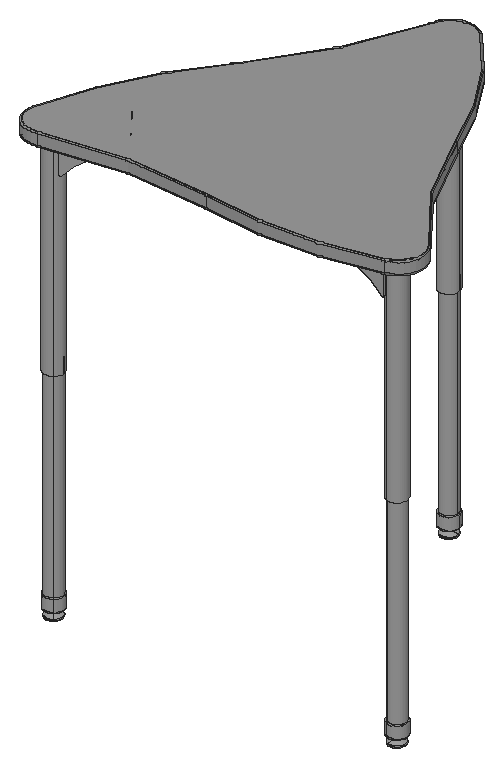
Revit family "Hierarchy Creator Triangle Desk - Standing Height", category Furniture, Revit 2018
Family settings
  Work Plane-Based = No
  Always vertical = Yes
  Cut with Voids When Loaded = No
  Shared = No
  Room Calculation Point = No
Parameters
  Surface = Hierarchy Creator Triangle Desk Standing Surface
  Leg Finish = Hierarchy Leg Platinum
  Edgeband = Hierarchy Creator Triangle Desk Standing Edgeband
  Desk Height = 3' - 5"
  Caster/Glide = Hierarchy Standing Leg - Glide : Hierarchy Standing Leg - Glide
Reference planes (in)
  plane 1 "Center (Front/Back)": y = 0
  plane 2: z = 0
  plane 3 "Center (Left/Right)": x = 0
  plane 4: z = 41
Dimensions and locks (in)
  "Desk Height": plane 4 to level
  aligned and locked: plane 2 to level
  aligned and locked: nested 1 to plane 4
Nested families (in)
  nested 1: "Creator Triangle Desk Tabletop" at (0.04688, -4.75192, 27.97788), type "Creator Triangle Desk Tabletop"
  nested 2: "Hierarchy Standing Leg - Glide" at (-16.0836, -13.74317, 0) x (-0.6183, 0.7859, 0) z (0, 0, 1), Leg Height <- "Desk Height", type <- "Caster/Glide", Leg Finish <- "Leg Finish", type "Hierarchy Standing Leg - Glide"
  nested 3: "Hierarchy Standing Leg - Glide" at (15.66289, -12.80031, 0) x (0.3678, 0.9299, 0) z (0, 0, 1), Leg Height <- "Desk Height", type <- "Caster/Glide", Leg Finish <- "Leg Finish", type "Hierarchy Standing Leg - Glide"
  nested 4: "Hierarchy Standing Leg - Glide" at (-0.996, 14.17635, 0) x (0.9898, 0.1425, 0) z (0, 0, 1), Leg Finish <- "Leg Finish", Leg Height <- "Desk Height", type "Hierarchy Standing Leg - Glide"
    with Leg Height 3' - 5", Leg Finish Hierarchy Leg Platinum
Definition of nested family "Creator Triangle Desk Tabletop"
  Parameters (values of type "Creator Triangle Desk Tabletop")
    Surface = none
    Edgeband = none
  Reference planes (in)
    plane 1 "Center (Front/Back)": y = 0
    plane 2: z = 0
    plane 3 "Center (Left/Right)": x = 0
  Forms (in)
    Extrusion 1, solid, material <- "Surface"
      sketch origin (0, 0, 0) x (1, 0, 0) y (0, 1, 0)
        loop
          arc (0.49793, 20.64445) -> (-1.62997, 21.25192) -> (-3.23948, 19.73323) r 2.23764
          arc (-3.23948, 19.73323) -> (-6.27486, 12.50268) -> (-10.68964, 6.02163) r 39.17158
          arc (-10.68964, 6.02163) -> (-15.30181, -0.83979) -> (-18.36031, -8.52072) r 38.91212
          arc (-18.36031, -8.52072) -> (-17.82317, -10.66793) -> (-15.70247, -11.30166) r 2.23648
          arc (-15.70247, -11.30166) -> (-7.92295, -10.31182) -> (-0.10265, -10.89815) r 39.0058
          arc (-0.10265, -10.89815) -> (8.14576, -11.46539) -> (16.3268, -10.27009) r 38.75551
          arc (16.3268, -10.27009) -> (17.91698, -8.73073) -> (17.40639, -6.57722) r 2.23801
          arc (17.40639, -6.57722) -> (12.66225, -0.33343) -> (9.25675, 6.73016) r 39.1738
          arc (9.25675, 6.73016) -> (5.62049, 14.15511) -> (0.49793, 20.64445) r 38.91895
      from 13.02212 to 14.27206
    Sweep 2, solid, material <- "Edgeband"
      path origin (0, 0, 0) x (1, 0, 0) y (0, 1, 0)
        loop
          arc (0.49793, 20.64445) -> (-1.62997, 21.25192) -> (-3.23948, 19.73323) r 2.23764
          arc (-3.23948, 19.73323) -> (-6.27486, 12.50268) -> (-10.68964, 6.02163) r 39.17158
          arc (-10.68964, 6.02163) -> (-15.30181, -0.83979) -> (-18.36031, -8.52072) r 38.91212
          arc (-18.36031, -8.52072) -> (-17.82317, -10.66793) -> (-15.70247, -11.30166) r 2.23648
          arc (-15.70247, -11.30166) -> (-7.92295, -10.31182) -> (-0.10265, -10.89815) r 39.0058
          arc (-0.10265, -10.89815) -> (8.14576, -11.46539) -> (16.3268, -10.27009) r 38.75551
          arc (16.3268, -10.27009) -> (17.91698, -8.73073) -> (17.40639, -6.57722) r 2.23801
          arc (17.40639, -6.57722) -> (12.66225, -0.33343) -> (9.25675, 6.73016) r 39.1738
          arc (9.25675, 6.73016) -> (5.62049, 14.15511) -> (0.49793, 20.64445) r 38.91895
      profile origin (-1.62997, 21.25192, 0) x (0.236871, -0.971541, 0) y (0, 0, 1)
        loop
          line (0, 13.02218) -> (0, 14.27206)
          arc (0, 14.27206) -> (-0.08841, 14.23311) -> (-0.12472, 14.14358) r 0.12854
          line (-0.12472, 14.14358) -> (-0.12472, 13.15066)
          arc (-0.12472, 13.15066) -> (-0.08841, 13.06113) -> (0, 13.02218) r 0.12854
  Dimensions and locks (in)
    aligned and locked: plane 2 to level
Definition of nested family "Hierarchy Standing Leg - Glide"
  Parameters (values of type "Hierarchy Standing Leg - Glide")
    Leg Finish [instance] = none
    Leg Height [instance] = 3' - 5"
  Reference planes (in)
    plane 1 "Center (Front/Back)": y = 0
    plane 2: z = 0
    plane 3 "Center (Left/Right)": x = 0
  Forms (in)
    Extrusion 1, solid
      sketch origin (-0.01562, 0, 0) x (1, 0, 0) y (0, 1, 0)
        loop
          circle (0.01563, 0) r 0.79147
      from 2 to 23.175
    Revolve 2, solid
      sketch origin (0, 0, 0) x (1, 0, 0) y (0, 0, 1)
        loop
          line (0, 2) -> (0, 0.74937) -> (0.84838, 0.74937)
          arc (0.84838, 0.74937) -> (0.89342, 0.76803) -> (0.91207, 0.81306) r 0.06369
          line (0.91207, 0.81306) -> (0.91207, 1.93631)
          arc (0.91207, 1.93631) -> (0.89342, 1.98134) -> (0.84838, 2) r 0.06369
          line (0.84838, 2) -> (0, 2)
        axis (0, 2) -> (0, 0.74937)
      angle from 0 to 360
    Revolve 3, solid
      sketch origin (0, 0, 0) x (1, 0, 0) y (0, 0, 1)
        loop
          line (0, 0.75) -> (0, 0) -> (0.74583, 0) -> (0.79147, 0.09013) -> (0.79147, 0.16241) -> (0.12474, 0.5) -> (0.12474, 0.75) -> (0, 0.75)
        axis (0, 0.75) -> (0, 0)
      angle from 0 to 360
  Dimensions and locks (in)
    "Leg Height": nested 1 to level
    aligned and locked: plane 2 to level
  Automatic sketch dimensions
    plane 1 "Center (Front/Back)" to Extrusion 1 sketch curve = 0' - 0"
    Extrusion 1 sketch curve to plane 3 "Center (Left/Right)" = 0' - 0"
    Revolve 2 sketch curve to plane 3 "Center (Left/Right)" = 0' - 0"  (x2)
    plane 3 "Center (Left/Right)" to Revolve 2 sketch curve = 0' - 0.84838"
    Revolve 2 sketch curve to Revolve 2 sketch curve = 0' - 0.84838"
    Revolve 2 sketch curve to Revolve 2 sketch curve = 0' - 0.06369"
    level to Revolve 2 sketch curve = 0' - 0.74937"
    Revolve 2 sketch curve to Revolve 2 sketch curve = 0' - 1.12324"
    Revolve 2 sketch curve to Revolve 2 sketch curve = 0' - 0.13731"
    Revolve 2 sketch curve to Revolve 2 sketch curve = 0' - 0 3/4"
    Revolve 3 sketch curve to plane 3 "Center (Left/Right)" = 0' - 0"  (x2)
    Revolve 3 sketch curve to level = 0' - 0"
    plane 3 "Center (Left/Right)" to Revolve 3 sketch curve = 0' - 0.12474"
    plane 3 "Center (Left/Right)" to Revolve 3 sketch curve = 0' - 0.74583"
    Revolve 3 sketch curve to Revolve 3 sketch curve = 0' - 0.04564"
    level to Revolve 3 sketch curve = 0' - 0.09013"
    Revolve 3 sketch curve to Revolve 3 sketch curve = 0' - 0.07228"
    level to Revolve 3 sketch curve = 0' - 0 1/2"
    Revolve 3 sketch curve to Revolve 3 sketch curve = 0' - 0 1/4"
    Revolve 3 sketch curve to level = 0' - 0 1/8"
    Revolve 3 sketch curve to Revolve 3 sketch curve = 0' - 0 1/8"
    radius of Extrusion 1 sketch curve = 0' - 0.79147"
  Nested families (in)
    nested 1: "Hierarchy Standing Upper Leg 2023" at (0, 0, 0.19983), Leg Finish <- "Leg Finish", type "Hierarchy Standing Upper Leg 2023"
      with Leg Finish none
  Definition of nested family "Hierarchy Standing Upper Leg 2023"
    Parameters (values of type "Hierarchy Standing Upper Leg 2023")
      Leg Finish [instance] = none
    Reference planes (in)
      plane 1 "Center (Front/Back)": y = 0
      plane 2: z = 0
      plane 3 "Center (Left/Right)": x = 0
    Forms (in)
      Extrusion 1, solid, material <- "Leg Finish"
        sketch origin (0, 0, 0) x (1, 0, 0) y (0, 1, 0)
          loop
            circle (0, 0) r 0.9129
        from 20.67418 to 40.67418
      Extrusion 2, solid, material <- "Leg Finish"
        sketch origin (0, 0, 12.998) x (1, 0, 0) y (0, 1, 0)
          loop
            line (-1.70174, 0.19183) -> (-3.96611, -4.49738)
            arc (-3.96611, -4.49738) -> (-3.91977, -5.33444) -> (-3.18615, -5.74016) r 0.86614
            line (-3.18615, -5.74016) -> (3.18615, -5.74016)
            arc (3.18615, -5.74016) -> (3.91977, -5.33444) -> (3.96611, -4.49738) r 0.86614
            line (3.96611, -4.49738) -> (1.70174, 0.19183)
            arc (1.70174, 0.19183) -> (0, 1.25984) -> (-1.70174, 0.19183) r 1.88976
        from 27.67618 to 27.80217
      Extrusion 3, solid, material <- "Leg Finish"
        sketch origin (12.41967, 1.58692, 0) x (0.434844, 0.900506, 0) y (0, 0, 1)
          loop
            arc (-12.68776, 40.67418) -> (-12.80559, 40.56418) -> (-12.70394, 40.43908) r 0.11811
            arc (-12.70394, 40.43908) -> (-9.98192, 39.53509) -> (-7.76426, 37.71614) r 7.87402
            arc (-7.76426, 37.71614) -> (-7.63344, 37.68136) -> (-7.55587, 37.79229) r 0.11811
            line (-7.55587, 37.79229) -> (-7.55587, 40.67418) -> (-12.68776, 40.67418)
        from -11.10976 to -10.98378
      Extrusion 4, solid, material <- "Leg Finish"
        sketch origin (-12.41967, 1.58692, 0) x (-0.434844, 0.900506, 0) y (0, 0, -1)
          loop
            line (-12.68776, -40.67418) -> (-7.55587, -40.67418) -> (-7.55587, -37.79229)
            arc (-7.55587, -37.79229) -> (-7.63344, -37.68136) -> (-7.76426, -37.71614) r 0.11811
            arc (-7.76426, -37.71614) -> (-9.98192, -39.53509) -> (-12.70394, -40.43908) r 7.87402
            arc (-12.70394, -40.43908) -> (-12.80559, -40.56418) -> (-12.68776, -40.67418) r 0.11811
        from -11.10976 to -10.98378
    Dimensions and locks (in)
      aligned and locked: plane 2 to level
